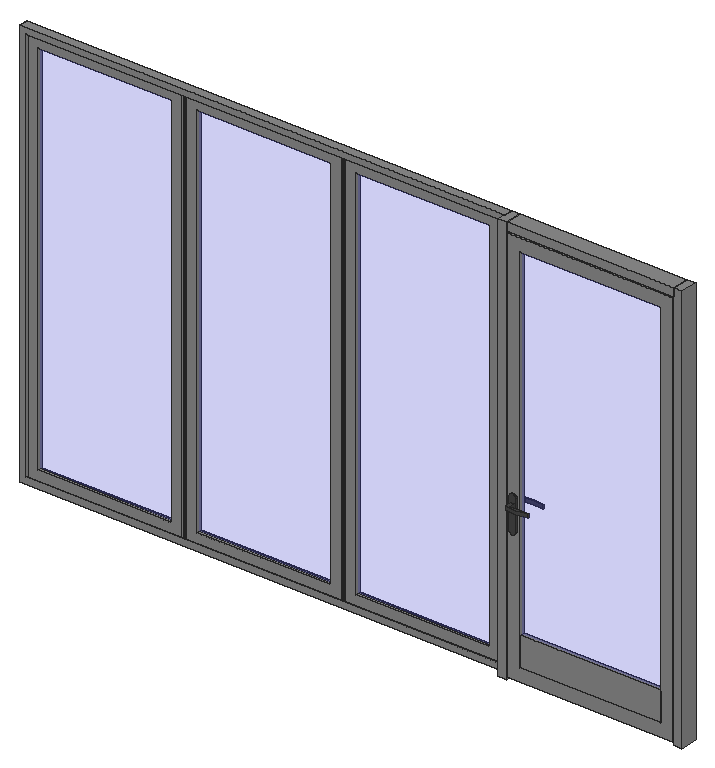
Revit family "Door_Swing Door_The Sliding Door Company_Single Door with Column & Beam_3 Fixed Panel", category Doors, host Wall, Revit 2019
Family settings
  Host = Wall
  OmniClass Number = 23.30.10.00
  OmniClass Title = Doors
  Always vertical = Yes
  Cut with Voids When Loaded = No
  Shared = No
  Room Calculation Point = No
Parameters (values of type "Single Swing Door with 3 Fixed Panel")
  URL = "https://www.slidingdoorco.com"
  Thickness = 1 1/4"  # constant formula
  SD Top Side Gap = 1/4"  # constant formula
  Swing Angle [instance] = 90.00°
  SD Stile/Rail = 3"  # constant formula
  Stile, Rail, Door Stop, Kickplate, Column & Beam Material [instance] = TSDC - Powder Coat Charcoal Gray
  Round Designer Handle Finish [instance] = TSDC - Handle Black
  Push Round Designer Handle 12" = no
  Push Lever Set = yes
  Push Kickplate = yes
  Pull Round Designer Handle 12" = no
  SD Panel Width = Width - 3/8"  # 39 5/8"
  SD Panel Height = Height - 7/8"  # 95 1/8"
  PUSH = not(PULL)  # yes
  PULL = no
  Overall System Width = SD Order Width + Column at Handle Side + Column at Hinge Side + FP Order Width  # 160"
  Overall System Height = SD Order Height + (Beam)  # 98"
  SD Opening Clearance Height = Height - 1" / 2  # 95 1/2"
  SD Opening Clearance Width = Width - 5" / 8 - 1 7/8"  # 37 1/2"
  Model = "Swing Door with Column & Beam + 3 Fixed Panel"  # constant formula
  Maximum Door Panel Width = "40 inches"  # constant formula
  Maximum Door Panel Height = "108 inches"  # constant formula
  Maximum Door Swing = "120 degress"  # constant formula
  Manufacturer = "The Sliding Door Company"  # constant formula
  Pull Lever Set = no
  Pull Kickplate = no
  Lever Handle Finish [instance] = TSDC - Handle Black
  SD Hinge Side Gap = 1/4"  # constant formula
  SD Handlge Side Gap = 1/8"  # constant formula
  Glass Material [instance] = TSDC - Clear Glass
  FP Glass Limitation = "Panel Width x System Height cannot exceed 7,400 square inches"  # constant formula
  Function = Interior
  Frame Projection Ext. = 1"
  Frame Projection Int. = 1"
  Frame Width = 3"
  Height = if(SD Order Height > 108 7/8", 108 7/8", SD Order Height)  # 96"
  Wall Closure = By host
  Width = if(SD Order Width > 40 3/8", 40 3/8", SD Order Width)  # 40"
  Fire Rating = "N/A"  # constant formula
  FP Stile/Rail = 3"
  FP Panel Width = (FP Order Width - 2" - 3/16") / 3  # 37 15/16"
  FP Panel Height = FP Order Height - 1 1/2"  # 96 1/2"
  FP Order Width = Finished Opening Width - Width - Column at Handle Side - Column at Hinge Side  # 116"
  FP Order Height = Height + Beam  # 98"
  SD Order Width = 40"
  SD Order Height = 96"
  FP 3" Frame (No Support Dividers) = "Max. H=122 in. Max. W=52 in. panel width"  # constant formula
  FP 1 1/2" Frame (No Support Dividers) = "Max. H=108 in. Max. W=50 in. panel width"  # constant formula
  Finished Opening Width = 160"
  Finished Opening Height = Overall System Height  # 98"
  Description = "Swing Door with Column & Beam + 3 Fixed Panel"  # constant formula
  Contact Information = "https://www.slidingdoorco.com/contact"
  Column at Hinge Side = 2"
  ADA Opening Clearance = "Minimum of 32 inches Opening Clearance"  # constant formula
  SD Bottom Side Gap = 5/8"  # constant formula
  Column at Handle Side = 2"
  Beam = 2"
  Column & Beam Sizes = "Available Only in 2x4 & 4x4 Sizes"  # constant formula
Reference planes (in)
  plane 1 "Center (Front/Back)": y = 0
  plane 2 "Center (Left/Right)": x = 0
  plane 3 "Left": x = -20
  plane 4 "Right": x = 20
  plane 5 "Top": z = 96
  plane 6 "Exterior": y = 3
  plane 7 "Interior": y = -3
  plane 8 "hinge": x = 19.75
  plane 9 "handle": x = -19.875
  plane 10 "top side": z = 95.75
  plane 11 "bottom side": z = 0.625
  plane 12: x = -19.375
  plane 13: x = 18.125
  plane 14: y = 1.75
  plane 15: z = 36
  plane 16: z = 38
  plane 17: z = 10.625
  plane 18: x = -22
  plane 19: x = 22
  plane 20: y = -1
  plane 21: z = 98
  plane 22: x = -138
  plane 23: z = 97.25
  plane 24: z = 0.75
  plane 25: x = -137
  plane 26: x = -23
  plane 27: x = -99
  plane 28: x = -99.0625
  plane 29: x = -98.96875
  plane 30: x = -61
  plane 31: x = -61.03125
  plane 32: x = -60.9375
  plane 33: y = 0.25
Forms (in)
  Extrusion 1, solid, material "TSDC - Powder Coat Charcoal Gray" <- "Stile, Rail, Door Stop, Kickplate, Column & Beam Material", visible <- "PULL"
    sketch origin (0, 0, 0) x (1, 0, 0) y (0, 0, 1)
      loop
        line (19.75, 95.75) -> (-19.875, 95.75) -> (-19.875, 0.625) -> (19.75, 0.625) -> (19.75, 95.75)
      loop
        line (16.75, 92.75) -> (-16.875, 92.75) -> (-16.875, 3.625) -> (16.75, 3.625) -> (16.75, 92.75)
    from -3 to -1.75
  Extrusion 2, solid, material "TSDC - Clear Glass" <- "Glass Material", visible <- "PULL"
    sketch origin (0, 0, 0) x (1, 0, 0) y (0, 0, 1)
      loop
        line (16.75, 92.75) -> (-16.875, 92.75) -> (-16.875, 3.625) -> (16.75, 3.625) -> (16.75, 92.75)
    from -2.5 to -2.2773437
  Sweep 3, solid, not visible
    path origin (0, 0, 0) x (1, 0, 0) y (0, 0, 1)
      loop
        line (-20, 0) -> (-20, 108) -> (16.125, 108) -> (16.125, 0)
    profile origin (-20, 0, 54) x (-1, 0, 0) y (0, -1, 0)
      loop
        line (-0.4350682, -0.2853449) -> (-0.3716442, -0.3219628) -> (-0.3261896, -0.2957196) -> (-0.2788586, -0.3103573) -> (0, -0.3103573) -> (0, 0.9818302) -> (-0.274122, 0.9818302) -> (-0.3244755, 0.9662578) -> (-0.3779955, 0.9923612) -> (-0.4376557, 0.9579164)
        arc (-0.4376557, 0.9579164) -> (-0.4452512, 0.9295695) -> (-0.4169043, 0.921974) r 0.0207514
        line (-0.4169043, 0.921974) -> (-0.3760036, 0.945588) -> (-0.3150881, 0.9104184) -> (-0.2694227, 0.9367833) -> (-0.079, 0.9367833) -> (-0.079, -0.2672636) -> (-0.2694227, -0.2672636) -> (-0.3150881, -0.2408986) -> (-0.3750271, -0.2755044) -> (-0.4157969, -0.2519659)
        arc (-0.4157969, -0.2519659) -> (-0.442122, -0.2590197) -> (-0.4350682, -0.2853449) r 0.0192714
      loop
        arc (-0.3932442, -0.6690036) -> (-0.2465, -0.7110937) -> (-0.0997558, -0.6690036) r 0.2768517
        line (-0.0997558, -0.6690036) -> (-0.0917465, -0.5659293) -> (-0.2465, -0.5190055) -> (-0.4012535, -0.5659293) -> (-0.3932442, -0.6690036)
      loop
        line (-0.3245894, 0.9760109) -> (-0.2695482, 0.9955489) -> (0, 0.9955489) -> (0, 1.0467364) -> (-0.512, 1.0467364) -> (-0.512, -0.4532636) -> (-0.325, -0.4532636) -> (-0.325, -0.4181698) -> (-0.394, -0.4181698) -> (-0.394, -0.3694042) -> (-0.099, -0.3694042) -> (-0.099, -0.4181698) -> (-0.168, -0.4181698) -> (-0.168, -0.4532636) -> (0, -0.4532636) -> (0, -0.3182167) -> (-0.2819282, -0.3182167) -> (-0.3251091, -0.3048624) -> (-0.3657274, -0.3302167) -> (-0.457, -0.3302167) -> (-0.457, 1.0016896) -> (-0.3657275, 1.0016896) -> (-0.3245894, 0.9760109)
      loop
        line (-0.0665, -0.6928078) -> (-0.0546726, -0.5405971) -> (-0.1979034, -0.4971673) -> (-0.1979034, -0.411631) -> (-0.1274176, -0.411631) -> (-0.1274176, -0.3790309) -> (-0.3655824, -0.3790309) -> (-0.3655824, -0.411631) -> (-0.2950966, -0.411631) -> (-0.2950966, -0.4971673) -> (-0.4383274, -0.5405971) -> (-0.4265, -0.6928078)
        arc (-0.4265, -0.6928078) -> (-0.3630851, -0.7351291) -> (-0.2883072, -0.7499888) r 0.1955799
        line (-0.2883072, -0.7499888) -> (-0.2047666, -0.7499888)
        arc (-0.2047666, -0.7499888) -> (-0.1299546, -0.7351296) -> (-0.0665, -0.6928078) r 0.1957584
  Sweep 4, solid, not visible
    path origin (2, 0, 0) x (1, 0, 0) y (0, 0, 1)
      loop
        line (-20, 0) -> (-20, 96) -> (16, 96) -> (16, 0)
    profile origin (-18, 0, 48) x (-1, 0, 0) y (0, -1, 0)
      loop
        line (-0.4350682, -0.2853449) -> (-0.3716442, -0.3219628) -> (-0.3261896, -0.2957196) -> (-0.2788586, -0.3103573) -> (0, -0.3103573) -> (0, 0.9818302) -> (-0.274122, 0.9818302) -> (-0.3244755, 0.9662578) -> (-0.3779955, 0.9923612) -> (-0.4376557, 0.9579164)
        arc (-0.4376557, 0.9579164) -> (-0.4452512, 0.9295695) -> (-0.4169043, 0.921974) r 0.0207514
        line (-0.4169043, 0.921974) -> (-0.3760036, 0.945588) -> (-0.3150881, 0.9104184) -> (-0.2694227, 0.9367833) -> (-0.079, 0.9367833) -> (-0.079, -0.2672636) -> (-0.2694227, -0.2672636) -> (-0.3150881, -0.2408986) -> (-0.3750271, -0.2755044) -> (-0.4157969, -0.2519659)
        arc (-0.4157969, -0.2519659) -> (-0.442122, -0.2590197) -> (-0.4350682, -0.2853449) r 0.0192714
      loop
        arc (-0.3932442, -0.6690036) -> (-0.2465, -0.7110937) -> (-0.0997558, -0.6690036) r 0.2768517
        line (-0.0997558, -0.6690036) -> (-0.0917465, -0.5659293) -> (-0.2465, -0.5190055) -> (-0.4012535, -0.5659293) -> (-0.3932442, -0.6690036)
      loop
        line (-0.3245894, 0.9760109) -> (-0.2695482, 0.9955489) -> (0, 0.9955489) -> (0, 1.0467364) -> (-0.512, 1.0467364) -> (-0.512, -0.4532636) -> (-0.325, -0.4532636) -> (-0.325, -0.4181698) -> (-0.394, -0.4181698) -> (-0.394, -0.3694042) -> (-0.099, -0.3694042) -> (-0.099, -0.4181698) -> (-0.168, -0.4181698) -> (-0.168, -0.4532636) -> (0, -0.4532636) -> (0, -0.3182167) -> (-0.2819282, -0.3182167) -> (-0.3251091, -0.3048624) -> (-0.3657274, -0.3302167) -> (-0.457, -0.3302167) -> (-0.457, 1.0016896) -> (-0.3657275, 1.0016896) -> (-0.3245894, 0.9760109)
      loop
        line (-0.0665, -0.6928078) -> (-0.0546726, -0.5405971) -> (-0.1979034, -0.4971673) -> (-0.1979034, -0.411631) -> (-0.1274176, -0.411631) -> (-0.1274176, -0.3790309) -> (-0.3655824, -0.3790309) -> (-0.3655824, -0.411631) -> (-0.2950966, -0.411631) -> (-0.2950966, -0.4971673) -> (-0.4383274, -0.5405971) -> (-0.4265, -0.6928078)
        arc (-0.4265, -0.6928078) -> (-0.3630851, -0.7351291) -> (-0.2883072, -0.7499888) r 0.1955799
        line (-0.2883072, -0.7499888) -> (-0.2047666, -0.7499888)
        arc (-0.2047666, -0.7499888) -> (-0.1299546, -0.7351296) -> (-0.0665, -0.6928078) r 0.1957584
  Extrusion 5, solid, material "TSDC - Powder Coat Charcoal Gray" <- "Stile, Rail, Door Stop, Kickplate, Column & Beam Material", visible <- "PULL"
    sketch origin (0, 0, 0) x (1, 0, 0) y (0, 0, 1)
      loop
        line (-20, 96) -> (-20, 0) -> (-19.5, 0) -> (-19.5, 95.5) -> (19.5, 95.5) -> (19.5, 0) -> (20, 0) -> (20, 96) -> (-20, 96)
    from -1.75 to 0
  Extrusion 6, solid, not visible
    sketch origin (0, -1.25, 0) x (1, 0, 0) y (0, 1, 0)
      loop
        line (-18.6875, 2.625) -> (-18.6875, 0.8125)
        arc (-18.6875, 0.8125) -> (-18.375, 1.125) -> (-18.0625, 0.8125) r 0.3125
        line (-18.0625, 0.8125) -> (-18.0625, 2.625) -> (-18.6875, 2.625)
    from 1 to 1.75
  Extrusion 7, solid, not visible
    sketch origin (0, -1.25, 0) x (1, 0, 0) y (0, 1, 0)
      loop
        line (-18.6875, 2.625) -> (-18.6875, 0.8125)
        arc (-18.6875, 0.8125) -> (-18.375, 1.125) -> (-18.0625, 0.8125) r 0.3125
        line (-18.0625, 0.8125) -> (-18.0625, 2.625) -> (-18.6875, 2.625)
    from 10.25 to 11
  Extrusion 8, solid, not visible
    sketch origin (0, 0.0841657, 0) x (1, 0, 0) y (0, 1, 0)
      loop
        circle (-18.3735619, -0.521669) r 0.3125
    from 0 to 12
  Extrusion 9, solid, material "TSDC - Powder Coat Charcoal Gray" <- "Stile, Rail, Door Stop, Kickplate, Column & Beam Material", visible <- "Pull Kickplate"
    sketch origin (0, 0, 0) x (1, 0, 0) y (0, 1, 0)
      loop
        line (-16.875, 2.875) -> (-16.875, 1.875) -> (16.75, 1.875) -> (16.75, 2.875) -> (-16.875, 2.875)
    from 3.625 to 10.625
  Extrusion 10, solid, material "TSDC - Powder Coat Charcoal Gray" <- "Stile, Rail, Door Stop, Kickplate, Column & Beam Material"
    sketch origin (0, 0, 0) x (1, 0, 0) y (0, 1, 0)
      loop
        line (-20, 3) -> (-22, 3) -> (-22, -1) -> (-20, -1) -> (-20, 3)
    from 0 to 98
  Extrusion 11, solid, material "TSDC - Powder Coat Charcoal Gray" <- "Stile, Rail, Door Stop, Kickplate, Column & Beam Material"
    sketch origin (0, 0, 0) x (1, 0, 0) y (0, 1, 0)
      loop
        line (22, 3) -> (20, 3) -> (20, -1) -> (22, -1) -> (22, 3)
    from 0 to 98
  Extrusion 12, solid, material "TSDC - Powder Coat Charcoal Gray" <- "Stile, Rail, Door Stop, Kickplate, Column & Beam Material"
    sketch origin (0, 0, 0) x (1, 0, 0) y (0, 0, 1)
      loop
        line (20, 98) -> (-20, 98) -> (-20, 96) -> (20, 96) -> (20, 98)
    from -3 to 1
  Sweep 13, solid, material "TSDC - Powder Coat Charcoal Gray" <- "Stile, Rail, Door Stop, Kickplate, Column & Beam Material"
    path origin (0, 0, 0) x (1, 0, 0) y (0, 0, 1)
      loop
        line (-138, 0) -> (-22, 0) -> (-22, 98) -> (-138, 98) -> (-138, 0)
    profile origin (-138, 0, 49) x (-1, 0, 0) y (0, -1, 0)
      loop
        line (0, -3) -> (0, -1.0248) -> (-1.5, -1.0248) -> (-1.5, -1.3607375) -> (-0.0625, -1.3607375) -> (-0.0625, -2.6888625) -> (-1.5, -2.6888625) -> (-1.5, -3) -> (0, -3)
  Extrusion 14, solid, material "TSDC - Powder Coat Charcoal Gray" <- "Stile, Rail, Door Stop, Kickplate, Column & Beam Material"
    sketch origin (0, 0, 0) x (1, 0, 0) y (0, 0, 1)
      loop
        line (-137, 97.25) -> (-137, 0.75) -> (-99.0625, 0.75) -> (-99.0625, 97.25) -> (-137, 97.25)
      loop
        line (-134, 94.25) -> (-134, 3.75) -> (-102.0625, 3.75) -> (-102.0625, 94.25) -> (-134, 94.25)
    from -2.6498 to -1.3998
  Extrusion 15, solid, material "TSDC - Powder Coat Charcoal Gray" <- "Stile, Rail, Door Stop, Kickplate, Column & Beam Material"
    sketch origin (0, 0, 0) x (1, 0, 0) y (0, 0, 1)
      loop
        line (-98.96875, 97.25) -> (-98.96875, 0.75) -> (-61.03125, 0.75) -> (-61.03125, 97.25) -> (-98.96875, 97.25)
      loop
        line (-64.03125, 3.75) -> (-64.03125, 94.25) -> (-95.96875, 94.25) -> (-95.96875, 3.75) -> (-64.03125, 3.75)
    from -2.6498 to -1.3998
  Extrusion 16, solid, material "TSDC - Powder Coat Charcoal Gray" <- "Stile, Rail, Door Stop, Kickplate, Column & Beam Material"
    sketch origin (0, 0, 0) x (1, 0, 0) y (0, 0, 1)
      loop
        line (-60.9375, 97.25) -> (-60.9375, 0.75) -> (-23, 0.75) -> (-23, 97.25) -> (-60.9375, 97.25)
      loop
        line (-26, 3.75) -> (-26, 94.25) -> (-57.9375, 94.25) -> (-57.9375, 3.75) -> (-26, 3.75)
    from -2.6498 to -1.3998
  Extrusion 17, solid, material "TSDC - Clear Glass" <- "Glass Material"
    sketch origin (0, 0, 0) x (1, 0, 0) y (0, 0, 1)
      loop
        line (-134, 94.25) -> (-134, 3.75) -> (-102.0625, 3.75) -> (-102.0625, 94.25) -> (-134, 94.25)
    from -2.1498 to -1.8998
  Extrusion 18, solid, material "TSDC - Clear Glass" <- "Glass Material"
    sketch origin (0, 0, 0) x (1, 0, 0) y (0, 0, 1)
      loop
        line (-95.96875, 94.25) -> (-95.96875, 3.75) -> (-64.03125, 3.75) -> (-64.03125, 94.25) -> (-95.96875, 94.25)
    from -2.1498 to -1.8998
  Extrusion 19, solid, material "TSDC - Clear Glass" <- "Glass Material"
    sketch origin (0, 0, 0) x (1, 0, 0) y (0, 0, 1)
      loop
        line (-57.9375, 94.25) -> (-57.9375, 3.75) -> (-26, 3.75) -> (-26, 94.25) -> (-57.9375, 94.25)
    from -2.1498 to -1.8998
  Extrusion 20, solid, material "TSDC - Powder Coat Charcoal Gray" <- "Stile, Rail, Door Stop, Kickplate, Column & Beam Material"
    sketch origin (0, 0, 0) x (1, 0, 0) y (0, 1, 0)
      loop
        line (-99.453125, 2.6888625) -> (-99.453125, 2.6498) -> (-99.0625, 2.6498) -> (-99.0625, 1.3998) -> (-99.453125, 1.3998) -> (-99.453125, 1.3607375) -> (-98.578125, 1.3607375) -> (-98.578125, 1.3998) -> (-98.96875, 1.3998) -> (-98.96875, 2.6498) -> (-98.578125, 2.6498) -> (-98.578125, 2.6888625) -> (-99.453125, 2.6888625)
    from 1.5 to 96.5
  Extrusion 21, solid, material "TSDC - Powder Coat Charcoal Gray" <- "Stile, Rail, Door Stop, Kickplate, Column & Beam Material"
    sketch origin (0, 0, 0) x (1, 0, 0) y (0, 1, 0)
      loop
        line (-61.421875, 2.6888625) -> (-61.421875, 2.6498) -> (-61.03125, 2.6498) -> (-61.03125, 1.3998) -> (-61.421875, 1.3998) -> (-61.421875, 1.3607375) -> (-60.546875, 1.3607375) -> (-60.546875, 1.3998) -> (-60.9375, 1.3998) -> (-60.9375, 2.6498) -> (-60.546875, 2.6498) -> (-60.546875, 2.6888625) -> (-61.421875, 2.6888625)
    from 1.5 to 96.5
  Extrusion 22, solid, material "TSDC - Powder Coat Charcoal Gray" <- "Stile, Rail, Door Stop, Kickplate, Column & Beam Material", visible <- "PUSH"
    sketch origin (0, 0, 0) x (1, 0, 0) y (0, 0, 1)
      loop
        line (-19.875, 95.75) -> (-19.875, 0.625) -> (19.75, 0.625) -> (19.75, 95.75) -> (-19.875, 95.75)
      loop
        line (-16.875, 92.75) -> (-16.875, 3.625) -> (16.75, 3.625) -> (16.75, 92.75) -> (-16.875, 92.75)
    from -0.25 to 1
  Extrusion 23, solid, material "TSDC - Clear Glass" <- "Glass Material", visible <- "PUSH"
    sketch origin (0, 0, 0) x (1, 0, 0) y (0, 0, 1)
      loop
        line (-16.875, 92.75) -> (-16.875, 3.625) -> (16.75, 3.625) -> (16.75, 92.75) -> (-16.875, 92.75)
    from 0.25 to 0.5
  Extrusion 24, solid, material "TSDC - Powder Coat Charcoal Gray" <- "Stile, Rail, Door Stop, Kickplate, Column & Beam Material"
    sketch origin (0, 0, 0) x (1, 0, 0) y (0, 0, 1)
      loop
        line (20, 96) -> (-20, 96) -> (-20, 0) -> (-19.5, 0) -> (-19.5, 95.5) -> (19.5, 95.5) -> (19.5, 0) -> (20, 0) -> (20, 96)
    from -2 to -0.25
  Extrusion 25, solid, material "TSDC - Powder Coat Charcoal Gray" <- "Stile, Rail, Door Stop, Kickplate, Column & Beam Material", visible <- "Push Kickplate"
    sketch origin (0, -2.75, 0) x (1, 0, 0) y (0, 1, 0)
      loop
        line (-16.875, 2.875) -> (-16.875, 1.875) -> (16.75, 1.875) -> (16.75, 2.875) -> (-16.875, 2.875)
    from 3.625 to 10.625
Lines and regions (in)
  Opening 1
    outline origin (-90, -3, 0) x (1, 0, 0) y (0, 0, 1)
      loop
        line (-48, 0) -> (112, 0) -> (112, 98) -> (-48, 98) -> (-48, 0)
  symbolic lines, style "Elevation Swing"
    curve 1: line (-19.875, 0, 95.75) -> (19.75, 0, 48)
    curve 2: line (19.75, 0, 48) -> (-19.875, 0, 0.625)
Text (in)
  text "Exterior" at (-108.9673292, 27.3110449, 0), in view "Ref. Level"
  text "Interior" at (-108.9673292, -25.1436555, 0), in view "Ref. Level"
  text "Exterior" at (0, 40.1514891, 123.0158834), in view "Right"
  text "Interior" at (0, -64.3913889, 123.0158834), in view "Right"
  text "Interior" at (0, -31.0159946, 123.0069277), in view "Left"
  text "Exterior" at (0, 54.5706505, 123.0069277), in view "Left"
Dimensions and locks (in)
  equal spacing: plane 3 "Left", plane 2 "Center (Left/Right)", plane 4 "Right"
  "SD Hinge Side Gap": plane 8 "hinge" to plane 4 "Right"
  "SD Handlge Side Gap": plane 3 "Left" to plane 9 "handle"
  "SD Top Side Gap": plane 10 "top side" to plane 5 "Top"
  "SD Bottom Side Gap": level to plane 11 "bottom side"
  "SD Stile/Rail": Extrusion 1 to Extrusion 1  (x4)
  "Height": level to plane 5 "Top"
  locked: Extrusion 1 to Extrusion 1 at 1.25
  "Width": plane 3 "Left" to plane 4 "Right"
  locked: plane 3 "Left" to plane 12 at 0.625
  locked: plane 13 to plane 4 "Right" at 1.875
  locked: plane 14 to plane 6 "Exterior" at 1.25
  Extrusion 5 sketch curve to Extrusion 5 sketch curve = 1/2"  (x3)
  locked: Extrusion 5 to plane 14 at 1.75
  locked: Extrusion 1 to Extrusion 2 at 0.5
  locked: Extrusion 1 to Extrusion 2 at 0.5273438
  equal spacing: level, curve 2, plane 5 "Top"
  locked: Extrusion 1 to nested 2 at 1.5
  locked: Extrusion 1 to nested 3 at 1.5
  locked: plane 15 to level at 36
  locked: Extrusion 1 to nested 6 at 1.5
  locked: Extrusion 1 to nested 7 at 1.5
  locked: plane 16 to level at 38
  locked: plane 17 to plane 11 "bottom side" at 10
  "Column at Handle Side": plane 18 to plane 3 "Left"
  "Column at Hinge Side": plane 4 "Right" to plane 19
  "Beam": plane 5 "Top" to plane 21
  locked: plane 20 to plane 6 "Exterior" at 4
  locked: Sweep 13 to Sweep 13 at 1.9752
  locked: Sweep 13 to Sweep 13 at 1.328125
  "FP Order Height": level to Sweep 13
  locked: plane 22 to plane 25 at 1
  locked: plane 26 to plane 18 at 1
  locked: plane 23 to plane 21 at 0.75
  "Finished Opening Width": plane 22 to plane 19
  locked: plane 28 to plane 27 at 0.0625
  locked: plane 27 to plane 29 at 0.03125
  locked: plane 31 to plane 30 at 0.03125
  locked: plane 30 to plane 32 at 0.0625
  locked: Sweep 13 to Extrusion 14 at 0.3502
  locked: Sweep 13 to Extrusion 14 at 0.375
  "FP Stile/Rail": plane 23 to Extrusion 14
  "FP Stile/Rail": Extrusion 14 to plane 24
  "FP Stile/Rail": Extrusion 14 to plane 25
  "FP Stile/Rail": Extrusion 14 to plane 28
  locked: Sweep 13 to Extrusion 15 at 0.3502
  locked: Sweep 13 to Extrusion 15 at 0.375
  locked: Sweep 13 to Extrusion 16 at 0.3502
  locked: Sweep 13 to Extrusion 16 at 0.375
  locked: Extrusion 14 to Extrusion 17 at 0.5  (x2)
  locked: Extrusion 15 to Extrusion 18 at 0.5  (x2)
  locked: Extrusion 16 to Extrusion 19 at 0.5  (x2)
  equal spacing: plane 25, plane 27, plane 30, plane 26
  locked: plane 33 to plane 20 at 1.25
  locked: Extrusion 22 to Extrusion 22 at 1.25
  locked: Extrusion 22 to Extrusion 23 at 0.5  (x2)
  locked: Extrusion 5 to Extrusion 24 sketch curve at 0.5  (x2)
  locked: Extrusion 12 to Extrusion 24 sketch curve at 0.5
  locked: Extrusion 24 to Extrusion 24 at 1.75
  locked: Extrusion 22 to Extrusion 25 at 0.125  (x2)
  locked: Extrusion 22 to nested 9 at 1.5
  locked: Extrusion 22 to nested 10 at 1.5
  locked: Extrusion 22 to nested 12 at 1.5
  locked: Extrusion 22 to nested 11 at 1.5
  aligned and locked: Opening 1 sketch curve to level
  aligned and locked: plane 6 "Exterior" to host wall
  aligned and locked: host wall to plane 7 "Interior"
  aligned and locked: Extrusion 1 sketch curve to plane 10 "top side"
  aligned and locked: plane 8 "hinge" to Extrusion 1 sketch curve
  aligned and locked: plane 11 "bottom side" to Extrusion 1 sketch curve
  aligned and locked: Extrusion 1 sketch curve to plane 9 "handle"
  aligned and locked: Extrusion 2 sketch curve to Extrusion 1  (x4)
  aligned and locked: Extrusion 1 to Extrusion 2  (x2)
  aligned and locked: Extrusion 5 sketch curve to plane 3 "Left"
  aligned and locked: plane 4 "Right" to Extrusion 5 sketch curve
  aligned and locked: plane 5 "Top" to Extrusion 5 sketch curve
  aligned and locked: Extrusion 5 sketch curve to level  (x2)
  aligned and locked: Extrusion 5 to Extrusion 1
  aligned and locked: plane 8 "hinge" to nested 1
  aligned and locked: plane 17 to Extrusion 9
  aligned and locked: Extrusion 9 to Extrusion 1  (x3)
  aligned and locked: Extrusion 1 to plane 6 "Exterior"
  aligned and locked: plane 14 to nested 1
  aligned and locked: plane 6 "Exterior" to nested 7
  aligned and locked: plane 14 to nested 6
  aligned and locked: nested 2 to plane 14
  aligned and locked: Opening 1 sketch curve to plane 21
  aligned and locked: plane 19 to Opening 1 sketch curve
  aligned and locked: host wall to Extrusion 10 sketch curve
  aligned and locked: Extrusion 10 sketch curve to plane 3 "Left"
  aligned and locked: Extrusion 10 sketch curve to plane 20
  aligned and locked: Extrusion 10 sketch curve to plane 18
  aligned and locked: host wall to Extrusion 11 sketch curve  (x2)
  aligned and locked: Extrusion 11 sketch curve to plane 20
  aligned and locked: plane 4 "Right" to Extrusion 11 sketch curve
  aligned and locked: host wall to Extrusion 10
  aligned and locked: host wall to Extrusion 11
  aligned and locked: Extrusion 11 to Extrusion 12 sketch curve
  aligned and locked: Extrusion 12 sketch curve to Extrusion 11
  aligned and locked: Extrusion 12 sketch curve to Extrusion 5  (x2)
  aligned and locked: host wall to Extrusion 12
  aligned and locked: Extrusion 12 to plane 20
  aligned and locked: Opening 1 sketch curve to plane 22
  aligned and locked: Sweep 13 to plane 6 "Exterior"
  aligned and locked: Sweep 13 to plane 21
  aligned and locked: Sweep 13 to level
  aligned and locked: Extrusion 1 to nested 3
  aligned and locked: plane 28 to Extrusion 14 sketch curve
  aligned and locked: plane 24 to Extrusion 14 sketch curve
  aligned and locked: Extrusion 14 sketch curve to plane 25
  aligned and locked: Extrusion 14 sketch curve to plane 23
  aligned and locked: Extrusion 15 sketch curve to plane 29
  aligned and locked: plane 31 to Extrusion 15 sketch curve
  aligned and locked: Extrusion 15 sketch curve to plane 23
  aligned and locked: plane 24 to Extrusion 15 sketch curve
  aligned and locked: Extrusion 16 sketch curve to plane 32
  aligned and locked: Extrusion 16 sketch curve to plane 23
  aligned and locked: plane 26 to Extrusion 16 sketch curve
  aligned and locked: plane 24 to Extrusion 16 sketch curve
  aligned and locked: Extrusion 17 sketch curve to Extrusion 14  (x4)
  aligned and locked: Extrusion 18 sketch curve to Extrusion 15  (x4)
  aligned and locked: Extrusion 19 sketch curve to Extrusion 16  (x4)
  aligned and locked: Sweep 13 to Extrusion 20 sketch curve
  aligned and locked: Extrusion 20 sketch curve to Sweep 13
  aligned and locked: Extrusion 20 sketch curve to Extrusion 20 sketch curve  (x2)
  aligned and locked: Extrusion 15 to Extrusion 20 sketch curve  (x2)
  aligned and locked: plane 29 to Extrusion 20 sketch curve
  aligned and locked: plane 28 to Extrusion 20 sketch curve
  aligned and locked: Extrusion 20 to Sweep 13  (x2)
  aligned and locked: Sweep 13 to Extrusion 21 sketch curve  (x2)
  aligned and locked: Extrusion 21 sketch curve to Extrusion 21 sketch curve  (x2)
  aligned and locked: Extrusion 16 to Extrusion 21 sketch curve  (x2)
  aligned and locked: plane 31 to Extrusion 21 sketch curve
  aligned and locked: plane 32 to Extrusion 21 sketch curve
  aligned and locked: Extrusion 21 to Sweep 13  (x2)
  aligned and locked: plane 10 "top side" to Extrusion 22 sketch curve
  aligned and locked: plane 9 "handle" to Extrusion 22 sketch curve
  aligned and locked: Extrusion 22 sketch curve to plane 11 "bottom side"
  aligned and locked: Extrusion 22 sketch curve to plane 8 "hinge"
  aligned and locked: plane 33 to Extrusion 22
  aligned and locked: Extrusion 22 to plane 20
  aligned and locked: Extrusion 23 sketch curve to Extrusion 1  (x4)
  aligned and locked: Extrusion 24 sketch curve to plane 5 "Top"
  aligned and locked: plane 3 "Left" to Extrusion 24 sketch curve
  aligned and locked: plane 4 "Right" to Extrusion 24 sketch curve
  aligned and locked: Extrusion 24 to plane 33
  aligned and locked: nested 8 to plane 33
  aligned and locked: nested 8 to plane 8 "hinge"
  aligned and locked: plane 33 to nested 8
  aligned and locked: plane 33 to nested 10
  aligned and locked: plane 20 to nested 9
  aligned and locked: plane 33 to nested 12
  aligned and locked: plane 20 to nested 11
Automatic sketch dimensions
  Sweep 3 sketch curve to profile plane = 0"  (x3)
  profile plane to Sweep 3 sketch curve = 7/128"
  profile plane to Sweep 3 sketch curve = 0.0665"
  profile plane to Sweep 3 sketch curve = 0.079"
  Sweep 3 sketch curve to Sweep 3 sketch curve = 0.03707"  (x2)
  profile plane to Sweep 3 sketch curve = 0.099"
  Sweep 3 sketch curve to Sweep 3 sketch curve = 0.03326"  (x2)
  Sweep 3 sketch curve to Sweep 3 sketch curve = 0.02842"  (x2)
  Sweep 3 sketch curve to Sweep 3 sketch curve = 0.04058"  (x2)
  Sweep 3 sketch curve to Sweep 3 sketch curve = 0.0299"  (x2)
  Sweep 3 sketch curve to Sweep 3 sketch curve = 0.0486"  (x3)
  Sweep 3 sketch curve to Sweep 3 sketch curve = 0.07152"
  Sweep 3 sketch curve to Sweep 3 sketch curve = 0.19042"
  Sweep 3 sketch curve to Sweep 3 sketch curve = 0.00013"
  Sweep 3 sketch curve to Sweep 3 sketch curve = 0.00457"
  Sweep 3 sketch curve to Sweep 3 sketch curve = 0.00944"
  Sweep 3 sketch curve to Sweep 3 sketch curve = 0.00307"
  Sweep 3 sketch curve to Sweep 3 sketch curve = 0.04181"
  Sweep 3 sketch curve to Sweep 3 sketch curve = 0.04567"  (x2)
  Sweep 3 sketch curve to Sweep 3 sketch curve = 0.05035"
  Sweep 3 sketch curve to Sweep 3 sketch curve = 0.00011"
  Sweep 3 sketch curve to Sweep 3 sketch curve = 0.04318"
  Sweep 3 sketch curve to Sweep 3 sketch curve = 0.00108"
  Sweep 3 sketch curve to Sweep 3 sketch curve = 0.04062"
  Sweep 3 sketch curve to Sweep 3 sketch curve = 0.04114"
  Sweep 3 sketch curve to Sweep 3 sketch curve = 0.00592"
  Sweep 3 sketch curve to Sweep 3 sketch curve = 0.00338"
  Sweep 3 sketch curve to Sweep 3 sketch curve = 0.05153"
  Sweep 3 sketch curve to Sweep 3 sketch curve = 0.01227"
  Sweep 3 sketch curve to Sweep 3 sketch curve = 0.10494"
  Sweep 3 sketch curve to Sweep 3 sketch curve = 0.00801"
  Sweep 3 sketch curve to Sweep 3 sketch curve = 0.04077"
  Sweep 3 sketch curve to Sweep 3 sketch curve = 0.0409"
  Sweep 3 sketch curve to Sweep 3 sketch curve = 0.00964"  (x2)
  Sweep 3 sketch curve to Sweep 3 sketch curve = 0.01038"  (x2)
  Sweep 3 sketch curve to Sweep 3 sketch curve = 0.02193"
  Sweep 3 sketch curve to Sweep 3 sketch curve = 0.07367"
  Sweep 3 sketch curve to Sweep 3 sketch curve = 1.16238"
  Sweep 3 sketch curve to Sweep 3 sketch curve = 0.0153"
  Sweep 3 sketch curve to Sweep 3 sketch curve = 0.01669"
  Sweep 3 sketch curve to Sweep 3 sketch curve = 0.02354"
  Sweep 3 sketch curve to Sweep 3 sketch curve = 0.02022"
  Sweep 3 sketch curve to Sweep 3 sketch curve = 0.00914"
  Sweep 3 sketch curve to Sweep 3 sketch curve = 0.04309"
  Sweep 3 sketch curve to Sweep 3 sketch curve = 0.00786"
  Sweep 3 sketch curve to Sweep 3 sketch curve = 0.04646"
  Sweep 3 sketch curve to Sweep 3 sketch curve = 0.04487"
  Sweep 3 sketch curve to Sweep 3 sketch curve = 0.10214"
  Sweep 3 sketch curve to Sweep 3 sketch curve = 0.00963"
  Sweep 3 sketch curve to Sweep 3 sketch curve = 0.0326"  (x2)
  Sweep 3 sketch curve to Sweep 3 sketch curve = 0.00654"  (x2)
  Sweep 3 sketch curve to Sweep 3 sketch curve = 0.02261"
  Sweep 3 sketch curve to Sweep 3 sketch curve = 0.03509"  (x2)
  Sweep 3 sketch curve to Sweep 3 sketch curve = 0.0439"  (x2)
  Sweep 3 sketch curve to Sweep 3 sketch curve = 0.02184"
  Sweep 3 sketch curve to Sweep 3 sketch curve = 0.08733"  (x2)
  Sweep 3 sketch curve to Sweep 3 sketch curve = 0.03522"
  Sweep 3 sketch curve to Sweep 3 sketch curve = 0.0354"
  Sweep 3 sketch curve to Sweep 3 sketch curve = 0.02533"  (x2)
  Sweep 3 sketch curve to Sweep 3 sketch curve = 0.10307"
  Sweep 3 sketch curve to Sweep 3 sketch curve = 0.0238"  (x2)
  Sweep 3 sketch curve to Sweep 3 sketch curve = 0.02636"  (x2)
  Sweep 3 sketch curve to profile plane = 3/4"
  profile plane to Sweep 3 sketch curve = 0.92197"
  Sweep 3 sketch curve to Sweep 3 sketch curve = 0.01797"
  Sweep 3 sketch curve to Sweep 3 sketch curve = 0.02361"
  profile plane to Sweep 3 sketch curve = 0.96626"
  Sweep 3 sketch curve to Sweep 3 sketch curve = 0.00975"
  profile plane to Sweep 3 sketch curve = 0.98183"
  profile plane to Sweep 3 sketch curve = 0.99236"
  profile plane to Sweep 3 sketch curve = 0.99555"
  profile plane to Sweep 3 sketch curve = 1.00169"
  profile plane to Sweep 3 sketch curve = 1.04674"
  Sweep 3 sketch curve to Sweep 3 sketch curve = 36 1/8"
  Sweep 3 sketch curve to Sweep 3 sketch curve = 108"
  Sweep 3 sketch curve to Sweep 3 sketch curve = 0"
  Sweep 4 sketch curve to profile plane = 0"  (x3)
  profile plane to Sweep 4 sketch curve = 7/128"
  profile plane to Sweep 4 sketch curve = 0.0665"
  profile plane to Sweep 4 sketch curve = 0.079"
  Sweep 4 sketch curve to Sweep 4 sketch curve = 0.03707"  (x2)
  profile plane to Sweep 4 sketch curve = 0.099"
  Sweep 4 sketch curve to Sweep 4 sketch curve = 0.03326"  (x2)
  Sweep 4 sketch curve to Sweep 4 sketch curve = 0.02842"  (x2)
  Sweep 4 sketch curve to Sweep 4 sketch curve = 0.04058"  (x2)
  Sweep 4 sketch curve to Sweep 4 sketch curve = 0.0299"  (x2)
  Sweep 4 sketch curve to Sweep 4 sketch curve = 0.0486"  (x3)
  Sweep 4 sketch curve to Sweep 4 sketch curve = 0.07152"
  Sweep 4 sketch curve to Sweep 4 sketch curve = 0.19042"
  Sweep 4 sketch curve to Sweep 4 sketch curve = 0.00013"
  Sweep 4 sketch curve to Sweep 4 sketch curve = 0.00457"
  Sweep 4 sketch curve to Sweep 4 sketch curve = 0.00944"
  Sweep 4 sketch curve to Sweep 4 sketch curve = 0.00307"
  Sweep 4 sketch curve to Sweep 4 sketch curve = 0.04181"
  Sweep 4 sketch curve to Sweep 4 sketch curve = 0.04567"  (x2)
  Sweep 4 sketch curve to Sweep 4 sketch curve = 0.05035"
  Sweep 4 sketch curve to Sweep 4 sketch curve = 0.00011"
  Sweep 4 sketch curve to Sweep 4 sketch curve = 0.04318"
  Sweep 4 sketch curve to Sweep 4 sketch curve = 0.00108"
  Sweep 4 sketch curve to Sweep 4 sketch curve = 0.04062"
  Sweep 4 sketch curve to Sweep 4 sketch curve = 0.04114"
  Sweep 4 sketch curve to Sweep 4 sketch curve = 0.00592"
  Sweep 4 sketch curve to Sweep 4 sketch curve = 0.00338"
  Sweep 4 sketch curve to Sweep 4 sketch curve = 0.05153"
  Sweep 4 sketch curve to Sweep 4 sketch curve = 0.01227"
  Sweep 4 sketch curve to Sweep 4 sketch curve = 0.10494"
  Sweep 4 sketch curve to Sweep 4 sketch curve = 0.00801"
  Sweep 4 sketch curve to Sweep 4 sketch curve = 0.04077"
  Sweep 4 sketch curve to Sweep 4 sketch curve = 0.0409"
  Sweep 4 sketch curve to Sweep 4 sketch curve = 0.00964"  (x2)
  Sweep 4 sketch curve to Sweep 4 sketch curve = 0.01038"  (x2)
  Sweep 4 sketch curve to Sweep 4 sketch curve = 0.02193"
  Sweep 4 sketch curve to Sweep 4 sketch curve = 0.07367"
  Sweep 4 sketch curve to Sweep 4 sketch curve = 1.16238"
  Sweep 4 sketch curve to Sweep 4 sketch curve = 0.0153"
  Sweep 4 sketch curve to Sweep 4 sketch curve = 0.01669"
  Sweep 4 sketch curve to Sweep 4 sketch curve = 0.02354"
  Sweep 4 sketch curve to Sweep 4 sketch curve = 0.02022"
  Sweep 4 sketch curve to Sweep 4 sketch curve = 0.00914"
  Sweep 4 sketch curve to Sweep 4 sketch curve = 0.04309"
  Sweep 4 sketch curve to Sweep 4 sketch curve = 0.00786"
  Sweep 4 sketch curve to Sweep 4 sketch curve = 0.04646"
  Sweep 4 sketch curve to Sweep 4 sketch curve = 0.04487"
  Sweep 4 sketch curve to Sweep 4 sketch curve = 0.10214"
  Sweep 4 sketch curve to Sweep 4 sketch curve = 0.00963"
  Sweep 4 sketch curve to Sweep 4 sketch curve = 0.0326"  (x2)
  Sweep 4 sketch curve to Sweep 4 sketch curve = 0.00654"  (x2)
  Sweep 4 sketch curve to Sweep 4 sketch curve = 0.02261"
  Sweep 4 sketch curve to Sweep 4 sketch curve = 0.03509"  (x2)
  Sweep 4 sketch curve to Sweep 4 sketch curve = 0.0439"  (x2)
  Sweep 4 sketch curve to Sweep 4 sketch curve = 0.02184"
  Sweep 4 sketch curve to Sweep 4 sketch curve = 0.08733"  (x2)
  Sweep 4 sketch curve to Sweep 4 sketch curve = 0.03522"
  Sweep 4 sketch curve to Sweep 4 sketch curve = 0.0354"
  Sweep 4 sketch curve to Sweep 4 sketch curve = 0.02533"  (x2)
  Sweep 4 sketch curve to Sweep 4 sketch curve = 0.10307"
  Sweep 4 sketch curve to Sweep 4 sketch curve = 0.0238"  (x2)
  Sweep 4 sketch curve to Sweep 4 sketch curve = 0.02636"  (x2)
  Sweep 4 sketch curve to profile plane = 3/4"
  profile plane to Sweep 4 sketch curve = 0.92197"
  Sweep 4 sketch curve to Sweep 4 sketch curve = 0.01797"
  Sweep 4 sketch curve to Sweep 4 sketch curve = 0.02361"
  profile plane to Sweep 4 sketch curve = 0.96626"
  Sweep 4 sketch curve to Sweep 4 sketch curve = 0.00975"
  profile plane to Sweep 4 sketch curve = 0.98183"
  profile plane to Sweep 4 sketch curve = 0.99236"
  profile plane to Sweep 4 sketch curve = 0.99555"
  profile plane to Sweep 4 sketch curve = 1.00169"
  profile plane to Sweep 4 sketch curve = 1.04674"
  Sweep 4 sketch curve to Sweep 4 sketch curve = 36"
  Sweep 4 sketch curve to Sweep 4 sketch curve = 96"
  Sweep 4 sketch curve to Sweep 4 sketch curve = 0"
  Extrusion 6 sketch curve to Extrusion 6 sketch curve = 5/16"
  Extrusion 7 sketch curve to Extrusion 7 sketch curve = 5/16"
  Extrusion 6 sketch curve to Extrusion 6 sketch curve = 1 13/16"
  Extrusion 7 sketch curve to Extrusion 7 sketch curve = 1 13/16"
  plane 12 to Extrusion 1 sketch curve = 2 1/2"
  Extrusion 1 sketch curve to plane 13 = 1 3/8"
  plane 24 to Extrusion 1 sketch curve = 2 7/8"
  plane 10 "top side" to Extrusion 1 sketch curve = 3"
  plane 12 to Extrusion 2 sketch curve = 2 1/2"
  curve 2 to plane 9 "handle" = 0"
  curve 1 to plane 9 "handle" = 0"
  curve 2 to plane 8 "hinge" = 0"
  curve 2 to plane 11 "bottom side" = 0"
  curve 1 to plane 10 "top side" = 0"
  Extrusion 9 sketch curve to plane 14 = 1/8"
  plane 12 to Extrusion 9 sketch curve = 2 1/2"
  Extrusion 9 sketch curve to plane 13 = 1 3/8"
  Extrusion 9 sketch curve to host wall = 1/8"
  Sweep 13 sketch curve to plane 21 = 0"
  Sweep 13 sketch curve to plane 22 = 0"
  Sweep 13 sketch curve to level = 0"
  Sweep 13 sketch curve to plane 18 = 0"
  Sweep 13 sketch curve to profile plane = 0"
  profile plane to Sweep 13 sketch curve = 1/16"
  Sweep 13 sketch curve to Sweep 13 sketch curve = 1 7/16"  (x2)
  Sweep 13 sketch curve to plane 1 "Center (Front/Back)" = 3"
  Sweep 13 sketch curve to Sweep 13 sketch curve = 0.31114"
  Sweep 13 sketch curve to Sweep 13 sketch curve = 1 21/64"
  Sweep 13 sketch curve to Sweep 13 sketch curve = 43/128"
  Extrusion 14 sketch curve to plane 25 = 3"
  plane 10 "top side" to Extrusion 14 sketch curve = 1 1/2"
  plane 28 to Extrusion 14 sketch curve = 3"
  plane 24 to Extrusion 14 sketch curve = 3"
  plane 10 "top side" to Extrusion 15 sketch curve = 1 1/2"
  Extrusion 15 sketch curve to plane 29 = 3"
  plane 31 to Extrusion 15 sketch curve = 3"
  plane 24 to Extrusion 15 sketch curve = 3"
  plane 10 "top side" to Extrusion 16 sketch curve = 1 1/2"
  Extrusion 16 sketch curve to plane 32 = 3"
  plane 26 to Extrusion 16 sketch curve = 3"
  plane 24 to Extrusion 16 sketch curve = 3"
  plane 28 to Extrusion 20 sketch curve = 25/64"
  Extrusion 20 sketch curve to Extrusion 20 sketch curve = 25/64"  (x3)
  plane 31 to Extrusion 21 sketch curve = 25/64"  (x2)
  Extrusion 21 sketch curve to Extrusion 21 sketch curve = 25/64"  (x2)
  plane 12 to Extrusion 22 sketch curve = 2 1/2"
  Extrusion 22 sketch curve to plane 13 = 1 3/8"
  plane 24 to Extrusion 22 sketch curve = 2 7/8"
  plane 10 "top side" to Extrusion 22 sketch curve = 3"
  Extrusion 24 sketch curve to level = 0"  (x2)
  plane 20 to Extrusion 25 sketch curve = 1/8"
  plane 12 to Extrusion 25 sketch curve = 2 1/2"
  Extrusion 25 sketch curve to plane 13 = 1 3/8"
  Extrusion 25 sketch curve to host wall = 1/8"
  radius of Extrusion 8 sketch curve = 5/16"
Nested families (in)
  nested 1: "SD Single Door Plan Swing" at (19.75, 1.75, 0), Swing Angle <- "Swing Angle", visible <- "PULL", type "SD Single Door Plan Swing"
    with Swing Angle 90.00°, Actual Angle 90.00°, Width 39 5/8"
  nested 2: "Round Designer Handle 12 inches" at (-18.375, -0.375, 30), visible <- "Pull Round Designer Handle 12"", Round Designer Handle Finish <- "Round Designer Handle Finish", type "Round Designer Handle 12 inches"
    with Round Designer Handle Finish TSDC - Handle Black
  nested 3: "Round Designer Handle 12 inches" at (-18.375, 5.125, 30), visible <- "Pull Round Designer Handle 12"", Round Designer Handle Finish <- "Round Designer Handle Finish", type "Round Designer Handle 12 inches"
    with Round Designer Handle Finish TSDC - Handle Black
  nested 4: "Round Designer Handle 12 inches" at (-18.375, -0.75, 30), type "Round Designer Handle 12 inches", not visible
  nested 5: "Round Designer Handle 12 inches" at (-18.375, 4.75, 30), type "Round Designer Handle 12 inches", not visible
  nested 6: "Lever Set" at (-18.375, 1.75, 31.6875), visible <- "Pull Lever Set", Lever Handle Finish <- "Lever Handle Finish", type "Lever Set"
    with Lever Handle Finish TSDC - Handle Black
  nested 7: "Lever Set" at (-18.375, 3, 31.6875), visible <- "Pull Lever Set", Lever Handle Finish <- "Lever Handle Finish", type "Lever Set"
    with Lever Handle Finish TSDC - Handle Black
  nested 8: "SD Single Door Plan Swing" at (19.75, 0.25, 0), Swing Angle <- "Swing Angle", visible <- "PUSH", type "SD Single Door Plan Swing"
    with Swing Angle 90.00°, Actual Angle 90.00°, Width 39 5/8"
  nested 9: "Round Designer Handle 12 inches" at (-18.375, -3.125, 30), visible <- "Push Round Designer Handle 12"", Round Designer Handle Finish <- "Round Designer Handle Finish", type "Round Designer Handle 12 inches"
    with Round Designer Handle Finish TSDC - Handle Black
  nested 10: "Round Designer Handle 12 inches" at (-18.375, 2.375, 30), visible <- "Push Round Designer Handle 12"", Round Designer Handle Finish <- "Round Designer Handle Finish", type "Round Designer Handle 12 inches"
    with Round Designer Handle Finish TSDC - Handle Black
  nested 11: "Lever Set" at (-18.375, -1, 31.6875), visible <- "Push Lever Set", Lever Handle Finish <- "Lever Handle Finish", type "Lever Set"
    with Lever Handle Finish TSDC - Handle Black
  nested 12: "Lever Set" at (-18.375, 0.25, 31.6875), visible <- "Push Lever Set", Lever Handle Finish <- "Lever Handle Finish", type "Lever Set"
    with Lever Handle Finish TSDC - Handle Black
Definition of nested family "Round Designer Handle 12 inches"
  Parameters (values of type "Round Designer Handle 12 inches")
    Round Designer Handle Finish [instance] = none
  Reference planes (in)
    plane 1 "Center (Front/Back)": y = 0
    plane 2: z = 0
    plane 3 "Center (Left/Right)": x = 0
  Forms (in)
    Extrusion 1, solid, material <- "Round Designer Handle Finish"
      sketch origin (0, -2.669818, 0) x (1, 0, 0) y (0, 1, 0)
        loop
          circle (0, 2.982318) r 0.3125
      from 0 to 12
    Extrusion 2, solid, material <- "Round Designer Handle Finish"
      sketch origin (0, 0, 0) x (1, 0, 0) y (0, 0, 1)
        loop
          circle (0, 10.5) r 0.3125
      from -2.125 to -0.3125
    Extrusion 3, solid, material <- "Round Designer Handle Finish"
      sketch origin (0, 0, -9) x (1, 0, 0) y (0, 0, 1)
        loop
          circle (0, 10.5) r 0.3125
      from -2.125 to -0.3125
  Lines and regions (in)
    symbolic lines
      curve 1: line (-0.3125, 0.3125, 0) -> (-0.3125, 2.125, 0)
  Dimensions and locks (in)
    aligned and locked: plane 2 to level
Definition of nested family "Lever Set"
  Parameters (values of type "Lever Set")
    Lever Handle Finish [instance] = none
  Reference planes (in)
    plane 1 "Center (Front/Back)": y = 0
    plane 2: z = 0
    plane 3 "Center (Left/Right)": x = 0
  Forms (in)
    Extrusion 1, solid, material <- "Lever Handle Finish"
      sketch origin (0, 0, 0) x (1, 0, 0) y (0, 0, 1)
        loop
          arc (-0.8125, 0.8125) -> (0, 0) -> (0.8125, 0.8125) r 0.8125
          line (0.8125, 0.8125) -> (0.8125, 7.9375)
          arc (0.8125, 7.9375) -> (0, 8.75) -> (-0.8125, 7.9375) r 0.8125
          line (-0.8125, 7.9375) -> (-0.8125, 0.8125)
      from 0 to 0.25
    Extrusion 2, solid, material <- "Lever Handle Finish"
      sketch origin (0, 0, 0) x (1, 0, 0) y (0, 1, 0)
        loop
          line (-0.4375, -0.25) -> (-0.4375, -1.75)
          arc (-0.4375, -1.75) -> (2.1875, -1.9875054) -> (4.8125, -1.75) r 14.625
          line (4.8125, -1.75) -> (4.8125, -1.375)
          arc (4.8125, -1.375) -> (2.6298277, -1.6064709) -> (0.4375, -1.5) r 14.25
          line (0.4375, -1.5) -> (0.4375, -0.25) -> (-0.4375, -0.25)
      from 5.875 to 6.75
  Dimensions and locks (in)
    aligned and locked: plane 2 to level
Definition of nested family "SD Single Door Plan Swing"
  Parameters (values of type "SD Single Door Plan Swing")
    Width = 39.25099"
    Thickness = 1 1/4"
    Swing Angle [instance] = 45.00°
    Actual Angle [instance] = if(Swing Angle < 1.00°, 1.00°, Swing Angle)  # 45.00°
  Reference planes (in)
    plane 1 "Center (Front/Back)": y = 0
    plane 2: z = 0
    plane 3 "Center (Left/Right)": x = 0
    plane 4: x = -39.2509882
  Lines and regions (in)
    Masking region 1
      outline origin (0, 0, 0) x (1, 0, 0) y (0, 1, 0)
        loop
          line (-28.6385234, 26.8707565) -> (-0.8838835, -0.8838835) -> (0, 0) -> (-27.7546399, 27.7546399) -> (-28.6385234, 26.8707565)
    reference lines
      curve 1: line (0, 0, 0) -> (-27.7546399, 27.7546399, 0)
      curve 2: line (-27.7546399, 27.7546399, 0) -> (-28.6385234, 26.8707565, 0)
      curve 3: line (-28.6385234, 26.8707565, 0) -> (-0.8838835, -0.8838835, 0)
      curve 4: line (-0.8838835, -0.8838835, 0) -> (0, 0, 0)
    symbolic lines
      curve 5: arc (-39.2509882, 0, 0) -> (-36.2631846, 15.0207029, 0) -> (-27.7546399, 27.7546399, 0) r 39.2509882
  Dimensions and locks (in)
    "Width": plane 4 to plane 3 "Center (Left/Right)"
    "Width": curve 1 to curve 1
    "Thickness": curve 1 to curve 3
    "Width": radius of curve 5
    "Actual Angle": angle curve 1 to plane 1 "Center (Front/Back)"
    locked: curve 1 to curve 4 (angle 90.00°)
    locked: curve 4 to curve 3 (angle 90.00°)
    locked: curve 3 to curve 2 (angle 90.00°)
    "Actual Angle": angle curve 5 to curve 5
    aligned and locked: plane 2 to level
    aligned and locked: plane 1 "Center (Front/Back)" to curve 1
    aligned and locked: plane 3 "Center (Left/Right)" to curve 1
    aligned and locked: Masking region 1 sketch curve to curve 3
    aligned and locked: Masking region 1 sketch curve to curve 2
    aligned and locked: Masking region 1 sketch curve to curve 4
    aligned and locked: Masking region 1 sketch curve to curve 1
    aligned and locked: plane 3 "Center (Left/Right)" to curve 5
    aligned and locked: plane 1 "Center (Front/Back)" to curve 5  (x2)
